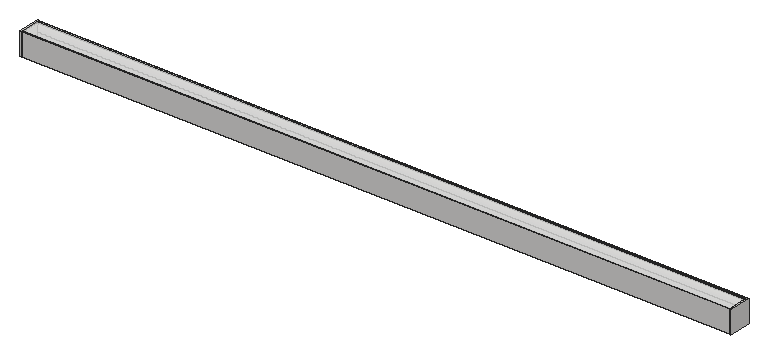
Revit family "Lighting-Luminii-Kilo_Surface new", category Lighting Fixtures, host Face, Revit 2020
Family settings
  Host = Face
  Round Connector Dimension = Use Diameter
  Part Type = Normal
  OmniClass Number = 23.80.70.11.14.11
  OmniClass Title = Downlights
  Cut with Voids When Loaded = No
  Light Source = Yes
  Shared = Yes
  Room Calculation Point = No
Parameters (values of type "Kilo Surface")
  Width = 1 1/2"  # constant formula
  Wattage Comments = "12 W/ft"
  Wattage = 12 W
  Warranty URL = "https://www.luminii.com/terms-conditions/"
  built-in parameter 1150110 = 1 (stored number, unit not read)
  Voltage Comments = "120VAC - 277VAC"  # constant formula
  Voltage = 120 V
  Version = "2020 - v1.0a"  # constant formula
  URL = "https://www.luminii.com/"
  built-in parameter 1114217 = 1 (stored number, unit not read)
  Tilt Angle = -90.00°  # constant formula
  built-in parameter 1150109 = 1 (stored number, unit not read)
  built-in parameter 1150134 = (empty or 0)
  built-in parameter 1150113 = 1 (stored number, unit not read)
  Support Phone = "224-699-9545"  # constant formula
  Support Email = "mailto:support@bimsmith.com"
  Right Endcap [instance] = yes
  Product Page URL = "Consult Manufacturer Website for more Information"
  Power Source Type = "Driver"  # constant formula
  Power Factor = 1
  Photometric Web File = "KILO - CLEAR - LL72-VHO-30K_IES.IES"
  Phase = 1
  Operating Temperature = "Consult Manufacturer Website for more Information"  # constant formula
  Number of Poles = if(and(or(Voltage = 120 V, Voltage = 277 V), Phase = 1), 1, if(and(or(Voltage = 208 V, Voltage = 240 V), Phase = 1), 2, if(and(or(Voltage = 208 V, Voltage = 240 V), Phase = 3), 3, if(and(Voltage > 300 V, Phase = 1), 2, if(and(Voltage > 400 V, Phase = 3), 3, 1)))))  # 1
  Mounting Method = "Mounting Options: Concealed Bracket, Adjustable Hinge Bracket"  # constant formula
  Model = "K"  # constant formula
  Manufacturer Phone Number = "403-216-7043"  # constant formula
  Manufacturer Email = "mailto: info@sensolighting.com"
  Manufacturer Address = "302 50 Ave SE. Calgary, Alberta, T2G 2A9 Canada"  # constant formula
  Manufacturer = "Luminii"  # constant formula
  built-in parameter 1150105 = 63.98 (stored number, unit not read)
  Lumens = 804 lm
  Luminaire Type = "Linear Illumination System"  # constant formula
  built-in parameter 1150115 = 1 (stored number, unit not read)
  Load Classification = Lighting
  built-in parameter 1150137 = (empty or 0)
  built-in parameter 1150139 = (empty or 0)
  Lens Material = Plastic - Luminii - Frosted Lens
  Length [instance] = if(Desired Length < 12", 12", if(Desired Length > 144", 144", (round(Desired Length / 2")) * 2"))  # 48"
  Left Endcap [instance] = yes
  built-in parameter 1150112 = 1 (stored number, unit not read)
  built-in parameter 1150114 = 1 (stored number, unit not read)
  Lamp Life = 1
  Lamp = "LED"  # constant formula
  Keynote = "26 50 00"
  built-in parameter 1150132 = (empty or 0)
  built-in parameter 1150102 = (empty or 0)
  built-in parameter 1150107 = 3000 (stored number, unit not read)
  Initial Color Comments = "Perfomance based on 3000K Photometric Web File"  # constant formula
  built-in parameter 1150138 = (empty or 0)
  built-in parameter 1150106 = 0.6398 (stored number, unit not read)
  Housing Protection Rating = "Consult Manufacturer Website for more Information"  # constant formula
  Height = 1 1/2"  # constant formula
  Has Dimming = 1 = 1  # yes
  Has Battery Backup = 0 = 1  # no
  Frequency Comments = ""  # constant formula
  Frequency = 60 Hz
  Finish = Metal - Luminii - Silver Anodized Aluminum
  Environment = "Indoor"  # constant formula
  Emit from Line Length = 48"
  built-in parameter 1150104 = 6.2245 (stored number, unit not read)
  Dimming Type = "Consult Manufacturer Website for more Information"  # constant formula
  Dimming Lamp Color Temperature Shift = <None>
  Desired Length [instance] = 48"
  Description = "Linear Illumination System"  # constant formula
  Default Elevation = 0"  # constant formula
  Current Amps = 50 A
  Copyright = "©2024 Luminii"  # constant formula
  Control Zone = "Consult Manufacturer Website for more Information"  # constant formula
  Control Type = "Consult Manufacturer Website for more Information"  # constant formula
  Constraints = 1  # constant formula
  Color Filter = 16777215
  built-in parameter 1114216 [instance] = 0  # (empty or 0)
  built-in parameter 1140040 [instance] = 1 = 1  # 1
  CCT = "3000K"
  C Right End [instance] = if(Right Endcap, 5/64", 0")  # 5/64"
  C Left End [instance] = if(Left Endcap, 5/64", 0")  # 5/64"
  built-in parameter 1114218 = 1 (stored number, unit not read)
  built-in parameter 1150133 = 10 (stored number, unit not read)
  Assembly Code = "D5040.50"
  Apparent Load = Wattage / Power Factor  # 12 VA
Reference planes (in)
  plane 1 "Center (Front/Back)": y = 0
  plane 2: z = 0
  plane 3 "Center (Left/Right)": x = 0
  plane 4: x = 0
  plane 5: x = 0
  plane 6: y = 0.75
  plane 7: y = -0.75
  plane 8: x = -24
  plane 9: x = 24
  plane 10: z = 0
  plane 11: z = 1.5
Forms (in)
  Extrusion 1, solid, material "Metal - Luminii - Silver Anodized Aluminum", not visible
    sketch origin (0, 0, -0.01563) x (1, 0, 0) y (0, 1, 0)
      loop
        circle (0, 0) r 0.03125
    from 0.01562 to 0.02575
Dimensions and locks (in)
  equal spacing: plane 4, plane 3 "Center (Left/Right)", plane 5
  equal spacing: plane 6, plane 1 "Center (Front/Back)", plane 7
  plane 4 to plane 5 = 0"
  "Width": plane 6 to plane 7
  equal spacing: plane 8, plane 3 "Center (Left/Right)", plane 9
  "Length": plane 8 to plane 9
  Extrusion 1 to plane 2 = 0.01013"
  plane 1 "Center (Front/Back)" to imposter light = 0"
  locked: plane 10 to plane 2
  locked: Extrusion 1 to plane 10 at 0.01013
  aligned and locked: plane 2 to host face
  aligned and locked: plane 3 "Center (Left/Right)" to Extrusion 1 sketch curve
  aligned and locked: imposter light to plane 3 "Center (Left/Right)"
  aligned and locked: plane 1 "Center (Front/Back)" to Extrusion 1 sketch curve
  aligned and locked: plane 10 to Extrusion 1
  aligned and locked: imposter light to plane 11
  aligned and locked: plane 1 "Center (Front/Back)" to imposter light
Automatic sketch dimensions
  host sketch curve to host sketch curve = 96"  (x2)
  radius of Extrusion 1 sketch curve = 1/32"
Nested families (in)
  nested 1: "Nested Lamp" at (0, 0, 0), type "Nested Lamp"
Connectors (in)
  electrical at (0, 0, 0), driven by "Number of Poles", driven by "Load Classification", driven by "Voltage", driven by "Apparent Load", driven by "Power Factor"
    settings: on Extrusion 1, index 1, voltage 120 V, apparent load 12 VA, apparent load phase1 0 VA, apparent load phase2 0 VA, apparent load phase3 0 VA, power factor 1, load classification "Lighting", number of poles 1, system type 30, power factor state 1, is connector primary yes, connector utility no, sub classification motor no, connector description "Power Connection"
Definition of nested family "Nested Lamp"
  Parameters (values of type "Nested Lamp")
    Right Cap = yes
    Lens = none
    Length = 48"
    Left Cap = yes
    Finish = none
    Default Elevation = 48"
    C Right Endcap = if(Right Cap, 5/64", 0")  # 5/64"
    C Left Endcap = if(Left Cap, 5/64", 0")  # 5/64"
  Reference planes (in)
    plane 1 "Center (Front/Back)": y = 0
    plane 2: z = 0
    plane 3 "Center (Left/Right)": x = 0
    plane 4: x = -23.92187
    plane 5: x = 23.92188
    plane 6: x = 24
    plane 7: x = -24
  Forms (in)
    Extrusion 1, solid
      sketch origin (0, 0, 0) x (1, 0, 0) y (0, 1, 0)
        loop
          line (-48, 48) -> (-48, -48) -> (48, -48) -> (48, 48) -> (-48, 48)
      from 0 to -12
    Sweep 2, solid, material <- "Finish", detail levels coarse
      path origin (0, 0, 0) x (1, 0, 0) y (0, 1, 0)
        loop
          line (-23.92187, 0) -> (23.92188, 0)
      profile origin (0, 0, 0) x (0, 1, 0) y (0, 0, 1)
        loop
          line (0.75, 1.5) -> (0.646, 1.5) -> (0.646, 1.44313)
          arc (0.646, 1.44313) -> (0.55864, 1.20586) -> (0.527, 0.955) r 1.1148
          line (0.527, 0.955) -> (0.527, 0.61394) -> (-0.527, 0.61394) -> (-0.527, 0.955)
          arc (-0.527, 0.955) -> (-0.55864, 1.20586) -> (-0.646, 1.44313) r 1.1148
          line (-0.646, 1.44313) -> (-0.646, 1.5) -> (-0.75, 1.5) -> (-0.75, 0) -> (0.75, 0) -> (0.75, 1.5)
    Sweep 3, solid, material <- "Lens", detail levels medium+fine
      path origin (0, 0, 0) x (1, 0, 0) y (0, 1, 0)
        loop
          line (-23.92187, 0) -> (23.92188, 0)
      profile origin (0, 0, 0) x (0, 1, 0) y (0, 0, 1)
        loop
          line (0.68, 1.45) -> (-0.68, 1.45) -> (-0.68, 1.41875) -> (0.68, 1.41875) -> (0.68, 1.45)
    Sweep 4, solid, material <- "Finish", detail levels medium+fine
      path origin (0, 0, 0) x (1, 0, 0) y (0, 1, 0)
        loop
          line (-23.92187, 0) -> (23.92188, 0)
      profile origin (0, 0, 0) x (0, 1, 0) y (0, 0, 1)
        loop
          line (0.75, 1.5) -> (0.646, 1.5) -> (0.64, 1.45) -> (0.685, 1.45) -> (0.685, 1.41) -> (0.63, 1.41)
          arc (0.63, 1.41) -> (0.55443, 1.18795) -> (0.527, 0.955) r 1.1148
          line (0.527, 0.955) -> (0.527, 0.61394) -> (-0.527, 0.61394) -> (-0.527, 0.955)
          arc (-0.527, 0.955) -> (-0.55443, 1.18795) -> (-0.63, 1.41) r 1.1148
          line (-0.63, 1.41) -> (-0.685, 1.41) -> (-0.685, 1.45) -> (-0.64, 1.45) -> (-0.646, 1.5) -> (-0.75, 1.5) -> (-0.75, 0) -> (-0.685, 0) -> (-0.685, 0.042) -> (-0.617, 0.042) -> (-0.57723, 0.0988)
          arc (-0.57723, 0.0988) -> (-0.58005, 0.1281) -> (-0.606, 0.142) r 0.03118
          line (-0.606, 0.142) -> (-0.655, 0.142) -> (-0.655, 0.236) -> (-0.68625, 0.236) -> (-0.68625, 0.301) -> (-0.655, 0.301) -> (-0.655, 0.543) -> (-0.33, 0.543) -> (-0.33, 0.301) -> (-0.242, 0.301) -> (-0.2305, 0.543) -> (-0.1255, 0.543) -> (-0.114, 0.301) -> (-0.064, 0.301) -> (-0.0525, 0.543) -> (0.0525, 0.543) -> (0.064, 0.301) -> (0.114, 0.301) -> (0.1255, 0.543) -> (0.2305, 0.543) -> (0.242, 0.301) -> (0.33, 0.301) -> (0.33, 0.543) -> (0.655, 0.543) -> (0.655, 0.301) -> (0.68625, 0.301) -> (0.68625, 0.236) -> (0.655, 0.236) -> (0.655, 0.142) -> (0.606, 0.142)
          arc (0.606, 0.142) -> (0.58005, 0.1281) -> (0.57723, 0.0988) r 0.03118
          line (0.57723, 0.0988) -> (0.617, 0.042) -> (0.685, 0.042) -> (0.685, 0) -> (0.75, 0) -> (0.75, 1.5)
    Sweep 5, solid, material <- "Lens", detail levels coarse
      path origin (0, 0, 0) x (1, 0, 0) y (0, 1, 0)
        loop
          line (-23.92187, 0) -> (23.92188, 0)
      profile origin (0, 0, 0) x (0, 1, 0) y (0, 0, 1)
        loop
          line (0.646, 1.41) -> (0.646, 1.45) -> (-0.646, 1.45) -> (-0.646, 1.41) -> (0.646, 1.41)
    Sweep 6, solid, material <- "Finish", visible <- "Right Cap"
      path origin (0, 0, 0) x (1, 0, 0) y (0, 1, 0)
        loop
          line (23.92188, 0) -> (24.00188, 0)
      profile origin (23.96188, 0, 0) x (0, 1, 0) y (0, 0, 1)
        loop
          line (0.75, 1.5) -> (-0.75, 1.5) -> (-0.75, 0) -> (0.75, 0) -> (0.75, 1.5)
    Sweep 7, solid, material <- "Finish", visible <- "Left Cap"
      path origin (0, 0, 0) x (-1, 0, 0) y (0, 1, 0)
        loop
          line (23.92188, 0) -> (24.00188, 0)
      profile origin (-23.96187, 0, 0) x (0, -1, 0) y (0, 0, 1)
        loop
          line (-0.75, 1.5) -> (-0.75, 0) -> (0.75, 0) -> (0.75, 1.5) -> (-0.75, 1.5)
  Dimensions and locks (in)
    "Length": plane 7 to plane 6
    "C Left Endcap": plane 7 to plane 4
    "C Right Endcap": plane 5 to plane 6
    equal spacing: plane 7, plane 3 "Center (Left/Right)", plane 6
    Sweep 6 sketch curve to plane 6 to Sweep 6 sketch curve = 5/64" locked, 0.00188" locked
    Sweep 7 sketch curve to plane 4 to Sweep 7 sketch curve = 0.08" locked, 0" locked
    aligned and locked: plane 2 to Extrusion 1
    aligned and locked: level to Extrusion 1
    aligned and locked: plane 4 to Sweep 2 sketch curve
    aligned and locked: plane 1 "Center (Front/Back)" to Sweep 2 sketch curve
    aligned and locked: plane 5 to Sweep 2 sketch curve
    aligned and locked: plane 5 to Sweep 3 sketch curve
    aligned and locked: plane 4 to Sweep 3 sketch curve
    aligned and locked: plane 1 "Center (Front/Back)" to Sweep 3 sketch curve
    aligned and locked: plane 1 "Center (Front/Back)" to Sweep 6 sketch curve
    aligned and locked: Sweep 7 sketch curve to plane 1 "Center (Front/Back)"
  Automatic sketch dimensions
    Extrusion 1 sketch curve to Extrusion 1 sketch curve = 96"  (x2)
    plane 1 "Center (Front/Back)" to Sweep 4 sketch curve = 0"
    Sweep 4 sketch curve to plane 4 = 0"
    Sweep 4 sketch curve to plane 5 = 0"
    plane 1 "Center (Front/Back)" to Sweep 5 sketch curve = 0"
    Sweep 5 sketch curve to plane 4 = 0"
    Sweep 5 sketch curve to plane 5 = 0"
    level to Sweep 5 sketch curve = 1.45"
    profile plane to Sweep 5 sketch curve = 0.646"  (x2)
    Sweep 5 sketch curve to profile plane = 0.646"  (x2)
    level to Sweep 5 sketch curve = 1.41"
    Sweep 6 sketch curve to Sweep 6 sketch curve = 1 1/2"
    Sweep 7 sketch curve to Sweep 7 sketch curve = 1 1/2"
    level to Sweep 4 sketch curve = 0.94181"  (x2)
    level to Sweep 4 sketch curve = 1 1/2"  (x2)
    Sweep 4 sketch curve to Sweep 4 sketch curve = 0.89173"  (x2)
    profile plane to Sweep 4 sketch curve = 3/4"
    level to Sweep 4 sketch curve = 1.45"  (x2)
    Sweep 4 sketch curve to Sweep 4 sketch curve = 0.065"  (x6)
    Sweep 4 sketch curve to Sweep 4 sketch curve = 0.039"
    Sweep 4 sketch curve to Sweep 4 sketch curve = 0.045"
    Sweep 4 sketch curve to Sweep 4 sketch curve = 0.01"  (x2)
    Sweep 4 sketch curve to Sweep 4 sketch curve = 0.068"  (x2)
    Sweep 4 sketch curve to Sweep 4 sketch curve = 0.049"
    Sweep 4 sketch curve to Sweep 4 sketch curve = 0.02877"  (x2)
    Sweep 4 sketch curve to Sweep 4 sketch curve = 0.223"
    Sweep 4 sketch curve to Sweep 4 sketch curve = 0.276"
    Sweep 4 sketch curve to Sweep 4 sketch curve = 0.088"  (x2)
    Sweep 4 sketch curve to Sweep 4 sketch curve = 0.0995"
    Sweep 4 sketch curve to Sweep 4 sketch curve = 0.105"  (x2)
    profile plane to Sweep 4 sketch curve = 0.114"
    Sweep 4 sketch curve to Sweep 4 sketch curve = 0.05"  (x2)
    profile plane to Sweep 4 sketch curve = 0.0525"
    Sweep 4 sketch curve to profile plane = 0.0525"
    Sweep 4 sketch curve to profile plane = 0.064"
    Sweep 4 sketch curve to Sweep 4 sketch curve = 0.073"
    Sweep 4 sketch curve to Sweep 4 sketch curve = 0.128"  (x2)
    Sweep 4 sketch curve to Sweep 4 sketch curve = 0.197"
    Sweep 4 sketch curve to Sweep 4 sketch curve = 0.03977"
    Sweep 4 sketch curve to Sweep 4 sketch curve = 0.103"
    Sweep 4 sketch curve to Sweep 4 sketch curve = 0.006"
    Sweep 4 sketch curve to Sweep 4 sketch curve = 0"  (x8)
    Sweep 4 sketch curve to Sweep 4 sketch curve = 0.055"
    Sweep 4 sketch curve to Sweep 4 sketch curve = 1/32"  (x3)
    Sweep 4 sketch curve to Sweep 4 sketch curve = 0.955"
    Sweep 4 sketch curve to Sweep 4 sketch curve = 0.61394"
    Sweep 4 sketch curve to Sweep 4 sketch curve = 0.242"  (x3)
    Sweep 4 sketch curve to Sweep 4 sketch curve = 0.094"  (x2)
    Sweep 4 sketch curve to Sweep 4 sketch curve = 0.03118"  (x2)
    Sweep 4 sketch curve to Sweep 4 sketch curve = 0.34106"
    level to Sweep 2 sketch curve = 0.94181"  (x2)
    profile plane to Sweep 2 sketch curve = 1.64173"
    level to Sweep 2 sketch curve = 1.44313"  (x2)
    Sweep 2 sketch curve to Sweep 2 sketch curve = 0.104"
    profile plane to Sweep 2 sketch curve = 0.527"
    Sweep 2 sketch curve to profile plane = 0.527"
    Sweep 2 sketch curve to Sweep 2 sketch curve = 0.119"
    Sweep 2 sketch curve to Sweep 2 sketch curve = 0.223"  (x2)
    level to Sweep 2 sketch curve = 1 1/2"
    Sweep 2 sketch curve to Sweep 2 sketch curve = 0.34106"
    Sweep 2 sketch curve to Sweep 2 sketch curve = 0.61394"
    level to Sweep 3 sketch curve = 1.45"
    Sweep 3 sketch curve to profile plane = 0.68"
    level to Sweep 3 sketch curve = 1.41875"
    profile plane to Sweep 3 sketch curve = 0.68"
    level to Sweep 7 sketch curve = 1 1/2"
    profile plane to Sweep 7 sketch curve = 3/4"
    Sweep 7 sketch curve to profile plane = 3/4"
    level to Sweep 6 sketch curve = 1 1/2"
    profile plane to Sweep 6 sketch curve = 3/4"
    Sweep 6 sketch curve to profile plane = 3/4"
    Sweep 4 sketch curve to level = 0"  (x2)
    Sweep 2 sketch curve to level = 0"
    Sweep 2 sketch curve to Sweep 2 sketch curve = 0.05687"
    Sweep 4 sketch curve to Sweep 4 sketch curve = 0.042"
    Sweep 4 sketch curve to Sweep 4 sketch curve = 0.00125"
    Sweep 4 sketch curve to Sweep 4 sketch curve = 0.0568"
    level to Sweep 4 sketch curve = 0.042"
